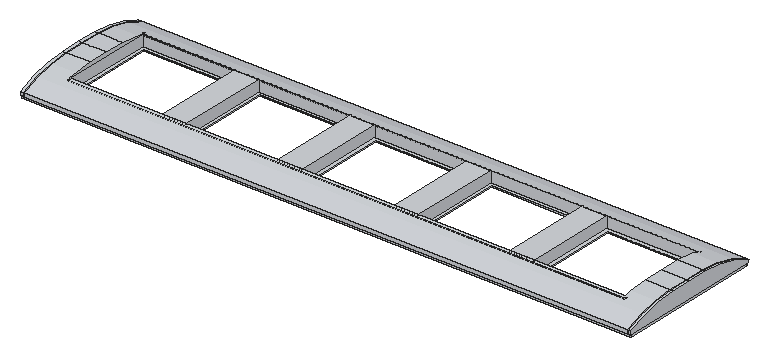
Revit family "Gira_0215808", category Electrical Fixtures, host Face, Revit 2017
Family settings
  Host = Face
  Maintain Annotation Orientation = No
  Round Connector Dimension = Use Diameter
  Part Type = Normal
  Cut with Voids When Loaded = No
  Shared = No
  Room Calculation Point = No
Parameters (values of type "Abdeckrahmen 5f Zwischenr. AN Gira Event Reinweiß")
  Werkstoffgüte = "Thermoplast"
  Werkstoff = "Kunststoff"
  URL = "http://katalog.gira.de/de_DE/datenblatt.html?artikelnr=0215808"
  Transparent = "No"
  Textfeld/Beschriftungsfläche = "No"
  Schutzart (IP) = "IP20"
  Region = "DE"
  Oberfläche = "sonstige"
  Name = "Abdeckrahmen 5f Zwischenr. AN Gira Event Reinweiß"
  Montagerichtung = "horizontal und vertikal"
  Mit Montagerahmen = "No"
  Mit Klappdeckel = "No"
  Manufacturer URL = "https://www.gira.de/"
  Keynote = "Event_Rahmen_5fach"
  HeinzeBIM = "https://bimportal.heinze.de/bim/abdeckrahmen-5f-zwischenr-an-gira-event-reinweiss/3ee571369d8aa4896c8b22e00acc58537e37bf17"
  Halogenfrei = "Yes"
  HAN = "0215808"
  Geeignet für Unterputz-Installation = "Yes"
  Geeignet für Unterflurkanaldose = "No"
  Geeignet für Geräteeinbaukanal = "No"
  Geeignet für Einbauinstallation = "No"
  GTIN = "4010337070177"
  Farbe = "weiß"
  Default Elevation = 1219.2 mm
  Data sheet (1) = "https://katalog.gira.de/de_DE/download.html?artikelnr=0215808"
  Category = "Abdeckrahmen"
  Befestigungsart = "Klemmbefestigung"
  Available = "Yes"
  Anzahl der Einheiten vertikal = "5 "
  Anzahl der Einheiten horizontal = "5 "
  Anzahl der Einheiten = "5 "
Reference planes
  plane 1 "Center (Front/Back)": y = 0
  plane 2: z = 0
  plane 3 "Center (Left/Right)": x = 0
Forms (mm)
  Extrusion 1, solid, detail levels fine
    sketch origin (0, 0, 0.05) x (0, 1, 0) y (0, 0, 1)
      loop
        arc (12.445, 9.683) -> (6.223, 9.833) -> (0, 9.85) r 291.636
        arc (0, 9.85) -> (-6.223, 9.833) -> (-12.445, 9.683) r 291.636
        arc (-12.445, 9.683) -> (-29.14, 7.482) -> (-45, 1.823) r 79.728
        line (-45, 1.823) -> (-45, -0.05) -> (-42.086, -0.05)
        arc (-42.086, -0.05) -> (-21.385, 5.559) -> (0, 7.206) r 114.424
        arc (0, 7.206) -> (21.385, 5.559) -> (42.086, -0.05) r 114.424
        line (42.086, -0.05) -> (45, -0.05) -> (45, 1.823)
        arc (45, 1.823) -> (29.14, 7.482) -> (12.445, 9.683) r 79.728
    from -185.578 to 185.593
  Extrusion 2, void, detail levels fine
    sketch origin (0, 0, 0) x (1, 0, 0) y (0, 1, 0)
      loop
        line (170.607, 28) -> (-170.593, 28) -> (-170.593, -28) -> (170.607, -28) -> (170.607, 28)
    from 0.724 to 11
  Extrusion 3, solid, detail levels coarse
    sketch origin (0, 0, 0) x (1, 0, 0) y (0, 1, 0)
      loop
        line (-187.578, 45) -> (-187.578, -45) -> (187.593, -45) -> (187.593, 45) -> (-187.578, 45)
    from -1.5 to 9.9
  Extrusion 4, solid, detail levels medium
    sketch origin (0, 0, 0.05) x (0, 1, 0) y (0, 0, 1)
      loop
        arc (12.445, 9.683) -> (6.223, 9.833) -> (0, 9.85) r 291.636
        arc (0, 9.85) -> (-6.223, 9.833) -> (-12.445, 9.683) r 291.636
        arc (-12.445, 9.683) -> (-29.14, 7.482) -> (-45, 1.823) r 79.728
        line (-45, 1.823) -> (-45, -0.05) -> (45, -0.05) -> (45, 1.823)
        arc (45, 1.823) -> (29.14, 7.482) -> (12.445, 9.683) r 79.728
    from -187.578 to 187.593
  Extrusion 5, solid, detail levels fine
    sketch origin (-142.578, 0, -1.5) x (0, 1, 0) y (0, 0, -1)
      loop
        line (45, -3.373) -> (45, -1.5) -> (-45, -1.5) -> (-45, -3.373)
        arc (-45, -3.373) -> (-29.14, -9.032) -> (-12.445, -11.233) r 79.728
        arc (-12.445, -11.233) -> (-6.223, -11.383) -> (0, -11.4) r 291.636
        arc (0, -11.4) -> (6.223, -11.383) -> (12.445, -11.233) r 291.636
        arc (12.445, -11.233) -> (29.14, -9.032) -> (45, -3.373) r 79.728
    from 43 to 45
  Extrusion 6, solid, detail levels fine
    sketch origin (0, 0, 0) x (1, 0, 0) y (0, 1, 0)
      loop
        line (-168.493, 25.7) -> (-168.493, -25.7) -> (-116.693, -25.7) -> (-116.693, 25.7) -> (-168.493, 25.7)
      loop
        line (-45.398, -25.7) -> (-45.398, 25.7) -> (-97.198, 25.7) -> (-97.198, -25.7) -> (-45.398, -25.7)
      loop
        line (-171.487, 28.49) -> (-171.487, -28.495)
        spline (-171.487, -28.495) -> (-171.479, -28.625) -> (-171.453, -28.754) -> (-171.411, -28.878) -> (-171.353, -28.995) -> (-171.281, -29.104) -> (-171.194, -29.202) -> (-171.096, -29.288) -> (-170.987, -29.361) -> (-170.87, -29.419) -> (-170.746, -29.461) -> (-170.618, -29.486) -> (-170.487, -29.495)
        line (-170.487, -29.495) -> (170.502, -29.495)
        spline (170.502, -29.495) -> (170.633, -29.486) -> (170.761, -29.461) -> (170.885, -29.419) -> (171.002, -29.361) -> (171.111, -29.288) -> (171.209, -29.202) -> (171.296, -29.104) -> (171.368, -28.995) -> (171.426, -28.878) -> (171.468, -28.754) -> (171.494, -28.625) -> (171.502, -28.495)
        line (171.502, -28.495) -> (171.502, 28.49)
        spline (171.502, 28.49) -> (171.494, 28.62) -> (171.468, 28.748) -> (171.426, 28.872) -> (171.368, 28.99) -> (171.296, 29.098) -> (171.209, 29.197) -> (171.111, 29.283) -> (171.002, 29.356) -> (170.885, 29.413) -> (170.761, 29.456) -> (170.633, 29.481) -> (170.502, 29.49)
        line (170.502, 29.49) -> (-170.487, 29.49)
        spline (-170.487, 29.49) -> (-170.618, 29.481) -> (-170.746, 29.456) -> (-170.87, 29.413) -> (-170.987, 29.356) -> (-171.096, 29.283) -> (-171.194, 29.197) -> (-171.281, 29.098) -> (-171.353, 28.99) -> (-171.411, 28.872) -> (-171.453, 28.748) -> (-171.479, 28.62) -> (-171.487, 28.49)
      loop
        line (25.902, -25.7) -> (25.902, 25.7) -> (-25.898, 25.7) -> (-25.898, -25.7) -> (25.902, -25.7)
      loop
        line (97.207, -25.7) -> (97.207, 25.7) -> (45.407, 25.7) -> (45.407, -25.7) -> (97.207, -25.7)
      loop
        line (168.507, -25.7) -> (168.507, 25.7) -> (116.707, 25.7) -> (116.707, -25.7) -> (168.507, -25.7)
    from 0.1 to 7.3
  Extrusion 7, solid
    sketch origin (0, 0, 0) x (1, 0, 0) y (0, 1, 0)
      loop
        arc (-187.293, -44.218) -> (-187.146, -44.572) -> (-186.793, -44.718) r 0.5
        line (-186.793, -44.718) -> (186.807, -44.718)
        arc (186.807, -44.718) -> (187.161, -44.572) -> (187.307, -44.218) r 0.5
        line (187.307, -44.218) -> (187.307, 44.182)
        arc (187.307, 44.182) -> (187.161, 44.535) -> (186.807, 44.682) r 0.5
        line (186.807, 44.682) -> (-186.793, 44.682)
        arc (-186.793, 44.682) -> (-187.146, 44.535) -> (-187.293, 44.182) r 0.5
        line (-187.293, 44.182) -> (-187.293, -44.218)
      loop
        line (-185.593, 42.982) -> (-185.593, -43.018) -> (185.607, -43.018) -> (185.607, 42.982) -> (-185.593, 42.982)
    from -1.5 to 0.5
  Extrusion 8, solid, detail levels fine
    sketch origin (142.593, 0, -1.5) x (0, 1, 0) y (0, 0, 1)
      loop
        arc (45, 3.373) -> (29.14, 9.032) -> (12.445, 11.233) r 79.728
        arc (12.445, 11.233) -> (6.223, 11.383) -> (0, 11.4) r 291.636
        arc (0, 11.4) -> (-6.223, 11.383) -> (-12.445, 11.233) r 291.636
        arc (-12.445, 11.233) -> (-29.14, 9.032) -> (-45, 3.373) r 79.728
        line (-45, 3.373) -> (-45, 1.5) -> (45, 1.5) -> (45, 3.373)
    from 43 to 45
  Extrusion 9, solid, detail levels medium
    sketch origin (0, 0, 0) x (1, 0, 0) y (0, 1, 0)
      loop
        line (-187.293, -44.718) -> (187.307, -44.718) -> (187.307, 44.682) -> (-187.293, 44.682) -> (-187.293, -44.718)
    from -1.5 to 0.5
  Extrusion 10, solid, detail levels fine
    sketch origin (-105.5, 0, 0) x (1, 0, 0) y (0, 1, 0)
      loop
        line (-8.943, 28.063) -> (-8.943, -27.937) -> (6.057, -27.937) -> (6.057, 28.063) -> (-8.943, 28.063)
    from 0.724 to 7.566
  Extrusion 11, solid, detail levels fine
    sketch origin (-37.085, 0, 0) x (-1, 0, 0) y (0, -1, 0)
      loop
        line (-8.943, -28.063) -> (6.057, -28.063) -> (6.057, 27.937) -> (-8.943, 27.937) -> (-8.943, -28.063)
    from 0.724 to 7.566
  Extrusion 12, solid, detail levels fine
    sketch origin (105.5, 0, 0) x (-1, 0, 0) y (0, -1, 0)
      loop
        line (-8.943, -28.063) -> (6.057, -28.063) -> (6.057, 27.937) -> (-8.943, 27.937) -> (-8.943, -28.063)
    from 0.724 to 7.566
  Extrusion 13, solid, detail levels fine
    sketch origin (37.085, 0, 0) x (1, 0, 0) y (0, 1, 0)
      loop
        line (-8.943, 28.063) -> (-8.943, -27.937) -> (6.057, -27.937) -> (6.057, 28.063) -> (-8.943, 28.063)
    from 0.724 to 7.566
Cuts and joins
  Extrusion 2 cuts Extrusion 1
  Extrusion 2 cuts Extrusion 6
Dimensions and locks
  aligned and locked: plane 2 to host face
  aligned and locked: level to host face
